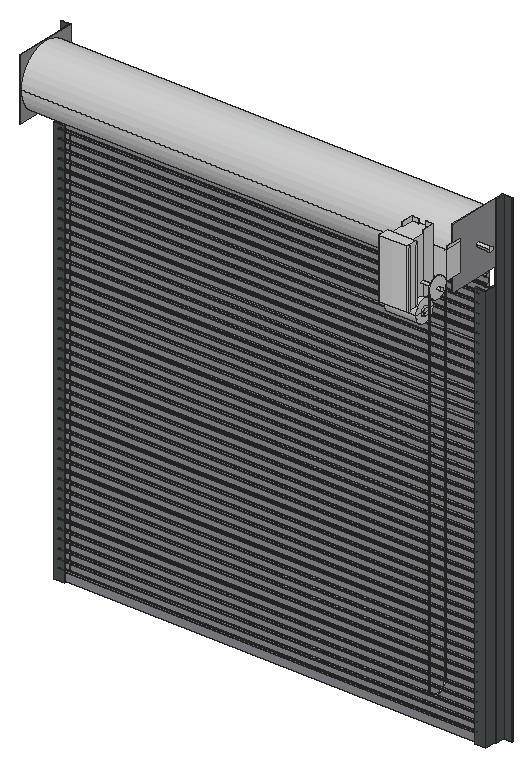
Revit family "Doors_Industrial_Overhead-Door-Corporation_Stormtite-Rolling-Steel-Service-Doors-620_", category Specialty Equipment, host Wall, Revit 2019 (continued)
Definition of nested family "Motor"
  Definition of nested family "2D_NotScalableMain_29e791da-3db9-4234-ab15-44456784202b"
    Lines and regions (in)
      Masking region 4, in view "Ref. Level", visible <- "Top + Bench"
        outline origin (0, 0, 0) x (1, 0, 0) y (0, 1, 0)
          loop
            line (-6.9985, -0.96741) -> (-5.7485, -0.96741) -> (-5.7485, -0.30491) -> (-5.5274, -0.30491) -> (-5.5274, -1.76746) -> (-5.42825, -1.86661) -> (-4.5757, -1.86661) -> (-4.5757, -3.22517) -> (4.57, -3.22517) -> (4.57, -1.27241) -> (4.799, -1.27241) -> (4.799, -0.84111) -> (5.199, -0.84111) -> (5.199, 0.84111) -> (4.799, 0.84111) -> (4.799, 1.27241) -> (4.57, 1.27241) -> (4.57, 3.22034) -> (4.3324, 3.22034) -> (4.3324, 6.13) -> (7.2495, 6.13) -> (7.2495, 3.53) -> (7.52, 3.53) -> (7.52, 6.13) -> (8.82, 6.13) -> (8.82, 6.93) -> (7.52, 6.93) -> (7.52, 9.53) -> (7.2495, 9.53) -> (7.2495, 6.93) -> (4.3324, 6.93) -> (4.3324, 19.24819) -> (3.108, 19.24819) -> (3.108, 20.0298) -> (0.988, 20.0298) -> (0.988, 19.24819) -> (-0.988, 19.24819) -> (-0.988, 20.0298) -> (-3.108, 20.0298) -> (-3.108, 19.24819) -> (-4.3324, 19.24819) -> (-4.3324, 3.22517) -> (-4.5757, 3.22517) -> (-4.5757, 1.86661) -> (-5.42825, 1.86661) -> (-5.5274, 1.76746) -> (-5.5274, 0.30491) -> (-5.7485, 0.30491) -> (-5.7485, 0.96741) -> (-6.9985, 0.96741) -> (-6.9985, -0.96741)
      Masking region 5, in view "Ref. Level", visible <- "Top Mount"
        outline origin (0, 0, 0) x (1, 0, 0) y (0, 1, 0)
          loop
            line (4.3324, 14.55771) -> (4.3324, 6.93) -> (7.2495, 6.93) -> (7.2495, 14.55771) -> (7.1295, 14.55771) -> (7.1295, 15.55771) -> (6.8795, 15.55771) -> (6.8795, 14.55771) -> (4.3324, 14.55771)
      Masking region 6, in view "Ref. Level", visible <- "Wall Mount"
        outline origin (0, 0, 0) x (1, 0, 0) y (0, 1, 0)
          loop
            line (-4.988, 4.96193) -> (-3.108, 4.96193) -> (-3.108, 1.46193) -> (-2.988, 1.46193) -> (-2.988, 5.08193) -> (-4.988, 5.08193) -> (-4.988, 4.96193)
          loop
            line (2.988, 1.46193) -> (3.108, 1.46193) -> (3.108, 4.96193) -> (4.988, 4.96193) -> (4.988, 5.08193) -> (2.988, 5.08193) -> (2.988, 1.46193)
      Masking region 7, in view "Ref. Level", visible <- "Bench Mount"
        outline origin (0, 0, 0) x (1, 0, 0) y (0, 1, 0)
          loop
            line (-7.24, 9.2698) -> (-7.1205, 9.2698) -> (-7.1205, 9.1098) -> (-4.3324, 9.1098) -> (-4.3324, 17.4298) -> (-7.1205, 17.4298) -> (-7.1205, 17.2698) -> (-7.24, 17.2698) -> (-7.24, 9.2698)
      Masking region 8, in view "Ref. Level", visible <- "Chain Hoist"
        outline origin (0, -6.98957, 0) x (1, 0, 0) y (0, 1, 0)
          loop
            line (4.7396, 6.58957) -> (7.2495, 6.58957) -> (7.2495, 3.98957) -> (7.52, 3.98957) -> (7.52, 6.58957) -> (8.82, 6.58957) -> (8.82, 7.38957) -> (7.52, 7.38957) -> (7.52, 9.98957) -> (7.2495, 9.98957) -> (7.2495, 7.38957) -> (4.7396, 7.38957) -> (4.7396, 6.58957)
      reference lines, in view "Ref. Level"
        curve 1: line (0, 0, 0) -> (0, 0.125, 0)
        curve 2: line (0, 0, 0) -> (0.125, 0, 0)
      detail lines, in view "Ref. Level", visible <- "Not Top + Bench"
        curve 3: line (7.2495, 4.19, 0) -> (7.2495, -1.81, 0)
        curve 4: line (7.52, 4.19, 0) -> (7.52, -1.81, 0)
        curve 5: line (-4.134, -2.29347, 0) -> (-4.134, -5.05565, 0)
        curve 6: line (4.116, -2.29347, 0) -> (4.116, -5.05565, 0)
        curve 7: line (-4.134, -2.41307, 0) -> (4.116, -2.41307, 0)
        curve 8: line (4.116, -2.29347, 0) -> (3.108, -2.29347, 0)
        curve 9: line (2.988, -2.17347, 0) -> (2.988, 4.96193, 0)
        curve 10: line (2.988, 4.96193, 0) -> (-2.988, 4.96193, 0)
        curve 11: line (-2.988, 4.96193, 0) -> (-2.988, -2.17347, 0)
        curve 12: arc (-2.988, -2.17347, 0) -> (-3.02315, -2.25832, 0) -> (-3.108, -2.29347, 0) r 0.12
        curve 13: arc (3.108, -2.29347, 0) -> (3.02315, -2.25832, 0) -> (2.988, -2.17347, 0) r 0.12
        curve 14: line (4.57, -3.22517, 0) -> (4.57, 0.77483, 0)
        curve 15: line (4.799, -1.27241, 0) -> (4.799, 0.77483, 0)
        curve 16: line (5.199, -0.84111, 0) -> (5.199, 0.77483, 0)
        curve 17: line (-4.5757, -3.22517, 0) -> (-4.5757, 3.22517, 0)
        curve 18: line (-5.42825, -1.86661, 0) -> (-5.42825, 1.86661, 0)
        curve 19: line (-5.5274, 1.76746, 0) -> (-5.5274, -1.76746, 0)
        curve 20: line (-5.7485, -0.96741, 0) -> (-5.7485, 0.96741, 0)
        curve 25: line (-4.116, -2.29347, 0) -> (-3.108, -2.29347, 0)
        curve 26: line (5.199, 0.77483, 0) -> (2.988, 0.77483, 0)
        curve 27: line (4.57, 1.59, 0) -> (3.108, 1.59, 0)
      detail lines, in view "Ref. Level", visible <- "Fire King Face Mount"
        curve 21: circle (0, 1.59, 0) r 1.29967 normal (0, 0, 1)
        curve 22: circle (0, 1.59, 0) r 0.87193 normal (0, 0, 1)
        curve 23: line (-2.988, 7.80693, 0) -> (2.988, 7.80693, 0)
        curve 24: line (-2.988, 7.685, 0) -> (2.988, 7.685, 0)
      detail lines, in view "Ref. Level", visible <- "Top + Bench"
        curve 28: line (-4.5757, -3.22517, 0) -> (-4.5757, 3.22517, 0)
        curve 29: line (-5.42825, 1.86661, 0) -> (-5.42825, -1.86661, 0)
        curve 30: line (-5.5274, 1.76746, 0) -> (-5.5274, -1.76746, 0)
        curve 31: line (-5.7485, -0.96741, 0) -> (-5.7485, 0.96741, 0)
        curve 32: line (-4.3324, 1.8898, 0) -> (-4.3324, 19.24819, 0)
        curve 33: line (-4.3324, 1.8898, 0) -> (4.3324, 1.8898, 0)
        curve 34: line (4.3324, 1.8898, 0) -> (4.3324, 19.24819, 0)
        curve 35: line (4.57, 3.22517, 0) -> (4.57, -3.22517, 0)
        curve 36: line (4.799, 1.27241, 0) -> (4.799, -1.22759, 0)
        curve 41: line (2.988, 20.0298, 0) -> (2.988, 19.24819, 0)
        curve 42: line (-2.988, 20.0298, 0) -> (-2.988, 19.24819, 0)
        curve 43: line (-3.108, 19.24819, 0) -> (-0.988, 19.24819, 0)
        curve 44: line (0.988, 19.24819, 0) -> (3.108, 19.24819, 0)
      detail lines, in view "Ref. Level", visible <- "Chain Hoist"
        curve 37: line (7.2495, 3, 0) -> (7.2495, -3, 0)
        curve 38: line (7.52, -3, 0) -> (7.52, 3, 0)
      detail lines, in view "Ref. Level", visible <- "Bench Mount"
        curve 39: line (-7.1205, 17.4298, 0) -> (-7.1205, 9.1098, 0)
        curve 40: line (-6.9985, 17.4298, 0) -> (-6.9985, 9.1098, 0)
    Dimensions and locks (in)
      curve 1 to curve 1 = 1/8"
      curve 2 to curve 2 = 1/8"
      aligned and locked: plane 1 "Center (Front/Back)" to curve 1
      aligned and locked: plane 3 "Center (Left/Right)" to curve 1
      aligned and locked: plane 1 "Center (Front/Back)" to curve 2
Definition of nested family "620"
  Parameters (values of type "Standard - Gray")
    Void Offset [instance] = if(Integrated Cutout, 0", 1")  # 1"
    Void Height [instance] = if(and(C 275, Perforation), 1.16", if(and([F 265, FE 265], Perforation), 2.3", 1"))  # 1"
    Standard = yes
    Slat Width [instance] = if(Slat Option < 2, 0.53", if(Slat Option = 2, 0.88", 0.63"))  # 0.53"
    Slat Position + Offset [instance] = Slat Position + Cutout Vertical Offset  # 12.174"
    Slat Position [instance] = if(Slat Option < 2, 1.88" * 6, if(Slat Option = 2, 2 3/4" * 5, 2.63" * 5))  # 11.28"
    Slat Option [instance] = 1
    Rough Height = 0"
    Perforation = no
    Fenestration Small = no
    Fenestration Large = no
    Cutout Width Offset [instance] = 1"  # constant formula
    Cutout Material 2 = none
    Cutout Horizontal Offset [instance] = if(Slat Option = 2, 0.847", 1")  # 1"
    Cutout Material = none
    Panel Material = none
    Opening Width [instance] = 126"
    Cutout Vertical Offset [instance] = if(Slat Option = 2, 1.605", 0.894")  # 0.894"
    F 265, FE 265 [instance] = if(Slat Option > 2, 1 = 1, 1 = 2)  # no
    Default Elevation = 48"
    Integrated Cutout [instance] = if(and(or(Perforation, Fenestration Small), Slat Option > 1), 1 = 1, if(and(Fenestration Large, Slat Option > 2), 1 = 1, 1 = 2))  # no
    C 275 [instance] = if(Slat Option = 2, 1 = 1, 1 = 2)  # no
    C 187 Standard [instance] = if(Slat Option < 2, 1 = 1, 1 = 2)  # yes
    Analytic Construction = "<None>"
  Types (16): name | Standard | Perforation | Fenestration Small | Fenestration Large
    Standard - White | yes | no | no | no
    Standard - Tan | yes | no | no | no
    Standard - Brown | yes | no | no | no
    Standard - Gray | yes | no | no | no
    Perforated - Brown | no | yes | no | no
    Perforated - Gray | no | yes | no | no
    Perforated - Tan | no | yes | no | no
    Perforated - White | no | yes | no | no
    Fenestration Small - White | no | no | yes | no
    Fenestration Small - Tan | no | no | yes | no
    Fenestration Small - Gray | no | no | yes | no
    Fenestration Small - Brown | no | no | yes | no
    Fenestration Large - Brown | no | no | no | yes
    Fenestration Large - White | no | no | no | yes
    Fenestration Large - Tan | no | no | no | yes
    Fenestration Large - Gray | no | no | no | yes
  Reference planes (in)
    plane 1 "Center (Front/Back)": y = 0
    plane 2: z = 0
    plane 3 "Center (Left/Right)": x = 0
    plane 4: x = -63
    plane 5: x = 63
    plane 6: y = 0.53
    plane 7: y = 0
    plane 8: y = 0.265
    plane 9: y = 0.5
    plane 10: x = -62
    plane 11: x = 62
  Forms (in)
    Extrusion 1, solid, material <- "Panel Material", visible <- "F 265, FE 265"
      sketch origin (0, -4.98186, 13.12534) x (0, 1, 0) y (0, 0, 1)
        loop
          arc (5.02225, -13.3083) -> (5.02946, -13.359) -> (5.06714, -13.39369) r 0.07621
          line (5.06714, -13.39369) -> (5.48892, -13.52622)
          arc (5.48892, -13.52622) -> (5.57147, -13.52307) -> (5.61186, -13.45101) r 0.08448
          line (5.61186, -13.45101) -> (5.61186, -11.01166)
          arc (5.61186, -11.01166) -> (5.58856, -10.95542) -> (5.53233, -10.93213) r 0.07953
          line (5.53233, -10.93213) -> (5.07146, -10.90651)
          arc (5.07146, -10.90651) -> (5.05162, -10.89829) -> (5.0434, -10.87845) r 0.02806
          line (5.0434, -10.87845) -> (5.06714, -10.76816) -> (5.48892, -10.90069)
          arc (5.48892, -10.90069) -> (5.57147, -10.89754) -> (5.61186, -10.82548) r 0.08448
          line (5.61186, -10.82548) -> (5.61186, -8.38613)
          arc (5.61186, -8.38613) -> (5.58856, -8.32989) -> (5.53233, -8.3066) r 0.07953
          line (5.53233, -8.3066) -> (5.07145, -8.28099)
          arc (5.07145, -8.28099) -> (5.05162, -8.27278) -> (5.0434, -8.25295) r 0.02804
          line (5.0434, -8.25295) -> (5.06682, -8.14253) -> (5.48892, -8.27516)
          arc (5.48892, -8.27516) -> (5.57147, -8.27201) -> (5.61186, -8.19995) r 0.08448
          line (5.61186, -8.19995) -> (5.61186, -5.7606)
          arc (5.61186, -5.7606) -> (5.58856, -5.70436) -> (5.53233, -5.68106) r 0.07953
          line (5.53233, -5.68106) -> (5.07146, -5.65544)
          arc (5.07146, -5.65544) -> (5.05162, -5.64722) -> (5.0434, -5.62738) r 0.02806
          line (5.0434, -5.62738) -> (5.06714, -5.51709) -> (5.48892, -5.64963)
          arc (5.48892, -5.64963) -> (5.57147, -5.64648) -> (5.61186, -5.57441) r 0.08448
          line (5.61186, -5.57441) -> (5.61186, -3.13506)
          arc (5.61186, -3.13506) -> (5.58856, -3.07882) -> (5.53233, -3.05553) r 0.07953
          line (5.53233, -3.05553) -> (5.07145, -3.02992)
          arc (5.07145, -3.02992) -> (5.05162, -3.02171) -> (5.0434, -3.00188) r 0.02804
          line (5.0434, -3.00188) -> (5.06682, -2.89146) -> (5.48892, -3.02409)
          arc (5.48892, -3.02409) -> (5.57147, -3.02094) -> (5.61186, -2.94888) r 0.08448
          line (5.61186, -2.94888) -> (5.61186, -0.50953)
          arc (5.61186, -0.50953) -> (5.58856, -0.45329) -> (5.53233, -0.43) r 0.07953
          line (5.53233, -0.43) -> (5.07094, -0.40562)
          arc (5.07094, -0.40562) -> (5.05177, -0.39768) -> (5.04383, -0.37851) r 0.02711
          line (5.04383, -0.37851) -> (5.09718, -0.11725)
          arc (5.09718, -0.11725) -> (5.4945, 0.04334) -> (5.06596, 0.04602) r 0.21842
          line (5.06596, 0.04602) -> (4.98186, -0.36586)
          arc (4.98186, -0.36586) -> (4.99921, -0.43741) -> (5.06536, -0.46972) r 0.08656
          line (5.06536, -0.46972) -> (5.51923, -0.48958)
          arc (5.51923, -0.48958) -> (5.5423, -0.49909) -> (5.55186, -0.52214) r 0.03256
          line (5.55186, -0.52214) -> (5.55186, -2.94108)
          arc (5.55186, -2.94108) -> (5.53961, -2.96526) -> (5.51287, -2.9697) r 0.03
          line (5.51287, -2.9697) -> (5.0787, -2.83327) -> (5.09726, -2.74238)
          arc (5.09726, -2.74238) -> (5.49489, -2.58243) -> (5.06631, -2.57951) r 0.21842
          line (5.06631, -2.57951) -> (4.98186, -2.99139)
          arc (4.98186, -2.99139) -> (4.99921, -3.06294) -> (5.06536, -3.09526) r 0.08656
          line (5.06536, -3.09526) -> (5.51923, -3.11511)
          arc (5.51923, -3.11511) -> (5.5423, -3.12462) -> (5.55186, -3.14767) r 0.03256
          line (5.55186, -3.14767) -> (5.55186, -5.56661)
          arc (5.55186, -5.56661) -> (5.53961, -5.5908) -> (5.51287, -5.59523) r 0.03
          line (5.51287, -5.59523) -> (5.07902, -5.45891) -> (5.09752, -5.36831)
          arc (5.09752, -5.36831) -> (5.49485, -5.20773) -> (5.06631, -5.20505) r 0.21842
          line (5.06631, -5.20505) -> (4.98186, -5.61692)
          arc (4.98186, -5.61692) -> (4.99921, -5.68847) -> (5.06536, -5.72079) r 0.08656
          line (5.06536, -5.72079) -> (5.51923, -5.74064)
          arc (5.51923, -5.74064) -> (5.5423, -5.75015) -> (5.55186, -5.7732) r 0.03256
          line (5.55186, -5.7732) -> (5.55186, -8.19214)
          arc (5.55186, -8.19214) -> (5.53961, -8.21633) -> (5.51287, -8.22076) r 0.03
          line (5.51287, -8.22076) -> (5.0787, -8.08434) -> (5.09726, -7.99345)
          arc (5.09726, -7.99345) -> (5.49489, -7.83349) -> (5.06631, -7.83058) r 0.21842
          line (5.06631, -7.83058) -> (4.98186, -8.24245)
          arc (4.98186, -8.24245) -> (4.99921, -8.31401) -> (5.06536, -8.34632) r 0.08656
          line (5.06536, -8.34632) -> (5.51923, -8.36618)
          arc (5.51923, -8.36618) -> (5.5423, -8.37569) -> (5.55186, -8.39874) r 0.03256
          line (5.55186, -8.39874) -> (5.55186, -10.81768)
          arc (5.55186, -10.81768) -> (5.53961, -10.84186) -> (5.51287, -10.8463) r 0.03
          line (5.51287, -10.8463) -> (5.07902, -10.70997) -> (5.09752, -10.61938)
          arc (5.09752, -10.61938) -> (5.49485, -10.45879) -> (5.06631, -10.45611) r 0.21842
          line (5.06631, -10.45611) -> (4.98186, -10.86799)
          arc (4.98186, -10.86799) -> (4.99921, -10.93954) -> (5.06536, -10.97185) r 0.08656
          line (5.06536, -10.97185) -> (5.51923, -10.99171)
          arc (5.51923, -10.99171) -> (5.5423, -11.00122) -> (5.55186, -11.02427) r 0.03256
          line (5.55186, -11.02427) -> (5.55186, -13.44321)
          arc (5.55186, -13.44321) -> (5.53961, -13.46739) -> (5.51287, -13.47183) r 0.03
          line (5.51287, -13.47183) -> (5.0787, -13.3354) -> (5.09726, -13.24451)
          arc (5.09726, -13.24451) -> (5.49489, -13.08456) -> (5.06631, -13.08164) r 0.21842
          line (5.06631, -13.08164) -> (5.01978, -13.30779)
      from -63 to 63
    Extrusion 2, void
      sketch origin (0, 0, 0) x (0, 1, 0) y (0, 0, 1)
        loop
          line (1.47, 1.394) -> (1.47, 0.394) -> (1.53, 0.394) -> (1.53, 1.394) -> (1.47, 1.394)
        loop
          line (1.47, 3.65) -> (1.47, 2.65) -> (1.53, 2.65) -> (1.53, 3.65) -> (1.47, 3.65)
        loop
          line (1.47, 5.906) -> (1.47, 4.906) -> (1.53, 4.906) -> (1.53, 5.906) -> (1.47, 5.906)
        loop
          line (1.47, 8.162) -> (1.47, 7.162) -> (1.53, 7.162) -> (1.53, 8.162) -> (1.47, 8.162)
        loop
          line (1.47, 10.418) -> (1.47, 9.418) -> (1.53, 9.418) -> (1.53, 10.418) -> (1.47, 10.418)
      from -62 to 62
  Cuts and joins
    Extrusion 2 cuts Extrusion 1
  Lines and regions (in)
    reference lines
      curve 1: line (0, -4.98186, 12.78) -> (0, 9.9877, 12.78)
      curve 2: line (0, -2.86663, 12.174) -> (0, 7.63337, 12.174)
      curve 3: line (0, -2.86663, 9.918) -> (0, 7.63337, 9.918)
      curve 4: line (0, -2.86663, 7.662) -> (0, 7.63337, 7.662)
      curve 5: line (0, -2.86663, 5.406) -> (0, 7.63337, 5.406)
      curve 6: line (0, -2.86663, 0.894) -> (0, 7.63337, 0.894)
      curve 7: line (0, -2.86663, 3.15) -> (0, 7.63337, 3.15)
  Dimensions and locks (in)
    equal spacing: plane 4, plane 3 "Center (Left/Right)", plane 5
    "Opening Width": plane 4 to plane 5
    "Slat Width": plane 1 "Center (Front/Back)" to plane 6
    equal spacing: plane 1 "Center (Front/Back)", plane 8, plane 6
    locked: plane 9 to plane 6 at 0.03
    "Cutout Width Offset": plane 4 to plane 10
    "Cutout Width Offset": plane 5 to plane 11
    "Void Height": Extrusion 2 sketch curve to Extrusion 2 sketch curve  (x5)
    locked: Extrusion 2 sketch curve to Extrusion 2 sketch curve at 0.06  (x5)
    "Void Offset": plane 6 to Extrusion 2 sketch curve
    locked: curve 1 to level at 12.78
    "Slat Position": curve 6 to curve 2
    equal spacing: Extrusion 2 sketch curve, curve 3, Extrusion 2 sketch curve
    equal spacing: Extrusion 2 sketch curve, curve 4, Extrusion 2 sketch curve
    equal spacing: Extrusion 2 sketch curve, curve 6, Extrusion 2 sketch curve
    equal spacing: Extrusion 2 sketch curve, curve 5, Extrusion 2 sketch curve
    equal spacing: curve 6, curve 7, curve 5, curve 4, curve 3, curve 2
    equal spacing: Extrusion 2 sketch curve, curve 7, Extrusion 2 sketch curve
    "Cutout Vertical Offset": curve 6 to plane 2
    aligned and locked: plane 2 to level
    aligned and locked: plane 1 "Center (Front/Back)" to plane 7
    aligned and locked: plane 5 to Extrusion 1
    aligned and locked: plane 4 to Extrusion 1
    aligned and locked: plane 9 to nested 1
    aligned and locked: plane 3 "Center (Left/Right)" to nested 1
    aligned and locked: Extrusion 2 sketch curve to Extrusion 2 sketch curve  (x4)
    aligned and locked: plane 10 to Extrusion 2
    aligned and locked: plane 11 to Extrusion 2
    aligned and locked: plane 3 "Center (Left/Right)" to nested 2
    aligned and locked: plane 3 "Center (Left/Right)" to nested 3
    aligned and locked: plane 3 "Center (Left/Right)" to nested 4
    aligned and locked: plane 3 "Center (Left/Right)" to nested 5
    aligned and locked: plane 9 to nested 2
    aligned and locked: plane 9 to nested 3
    aligned and locked: plane 9 to nested 4
    aligned and locked: plane 9 to nested 5
  Automatic sketch dimensions
    curve 1 to Extrusion 1 sketch curve = 4.98186"  (x2)
    Extrusion 1 sketch curve to Extrusion 1 sketch curve = 0"  (x4)
    curve 1 to Extrusion 1 sketch curve = 0.02051"
    curve 1 to Extrusion 1 sketch curve = 2.64604"
    Extrusion 1 sketch curve to Extrusion 1 sketch curve = 0.06154"  (x4)
    curve 1 to Extrusion 1 sketch curve = 0.03317"
    Extrusion 1 sketch curve to Extrusion 1 sketch curve = 0.06197"
    curve 1 to Extrusion 1 sketch curve = 0.12438"
    Extrusion 1 sketch curve to Extrusion 1 sketch curve = 0.02153"
    Extrusion 1 sketch curve to Extrusion 1 sketch curve = 0.02196"  (x4)
    curve 1 to Extrusion 1 sketch curve = 2.74991"
    Extrusion 1 sketch curve to curve 1 = 0.39136"
    Extrusion 1 sketch curve to Extrusion 1 sketch curve = 0.0841"
    Extrusion 1 sketch curve to Extrusion 1 sketch curve = 0.02327"  (x4)
    Extrusion 1 sketch curve to Extrusion 1 sketch curve = 3/128"  (x2)
    Extrusion 1 sketch curve to Extrusion 1 sketch curve = 0.02374"  (x2)
    Extrusion 1 sketch curve to Extrusion 1 sketch curve = 0.00178"
    curve 1 to Extrusion 1 sketch curve = 0.06028"
    curve 1 to Extrusion 1 sketch curve = 2.68458"
    Extrusion 1 sketch curve to Extrusion 1 sketch curve = 0.00478"  (x2)
    Extrusion 1 sketch curve to Extrusion 1 sketch curve = 0.00479"  (x2)
    Extrusion 1 sketch curve to Extrusion 1 sketch curve = 0.01188"  (x4)
    curve 1 to Extrusion 1 sketch curve = 2.48793"
    Extrusion 1 sketch curve to Extrusion 1 sketch curve = 0.01156"
    Extrusion 1 sketch curve to Extrusion 1 sketch curve = 0.01822"
    Extrusion 1 sketch curve to curve 1 = 0.2281"
    Extrusion 1 sketch curve to Extrusion 1 sketch curve = 0.03122"
    curve 1 to Extrusion 1 sketch curve = 2.39704"
    Extrusion 1 sketch curve to Extrusion 1 sketch curve = 0.01856"  (x2)
    Extrusion 1 sketch curve to Extrusion 1 sketch curve = 0.00034"  (x6)
    Extrusion 1 sketch curve to Extrusion 1 sketch curve = 0.0185"  (x2)
    Extrusion 1 sketch curve to Extrusion 1 sketch curve = 0.18279"  (x3)
    Extrusion 1 sketch curve to Extrusion 1 sketch curve = 0.18305"  (x3)
    Extrusion 1 sketch curve to Extrusion 1 sketch curve = 0.41746"  (x2)
    Extrusion 1 sketch curve to Extrusion 1 sketch curve = 0.392"
    Extrusion 1 sketch curve to Extrusion 1 sketch curve = 0.41747"  (x2)
    curve 1 to Extrusion 1 sketch curve = 2.67875"
    Extrusion 1 sketch curve to Extrusion 1 sketch curve = 0.02395"  (x5)
    curve 1 to Extrusion 1 sketch curve = 2.62435"
    Extrusion 1 sketch curve to Extrusion 1 sketch curve = 0.03031"  (x4)
    curve 1 to Extrusion 1 sketch curve = 0.14423"
    Extrusion 1 sketch curve to Extrusion 1 sketch curve = 0.45387"
    Extrusion 1 sketch curve to Extrusion 1 sketch curve = 0.00007"  (x5)
    Extrusion 1 sketch curve to Extrusion 1 sketch curve = 0.00899"  (x5)
    Extrusion 1 sketch curve to Extrusion 1 sketch curve = 0.00552"  (x5)
    Extrusion 1 sketch curve to Extrusion 1 sketch curve = 0.04341"  (x3)
    Extrusion 1 sketch curve to Extrusion 1 sketch curve = 0.01303"  (x2)
    curve 1 to Extrusion 1 sketch curve = 2.71019"
    Extrusion 1 sketch curve to Extrusion 1 sketch curve = 5/256"  (x2)
    Extrusion 1 sketch curve to Extrusion 1 sketch curve = 0.02448"  (x3)
    Extrusion 1 sketch curve to Extrusion 1 sketch curve = 0.06"  (x5)
    Extrusion 1 sketch curve to Extrusion 1 sketch curve = 0.01261"  (x2)
    Extrusion 1 sketch curve to Extrusion 1 sketch curve = 2.10108"  (x4)
    Extrusion 1 sketch curve to Extrusion 1 sketch curve = 0.11957"  (x2)
    Extrusion 1 sketch curve to Extrusion 1 sketch curve = 0.09059"  (x2)
    Extrusion 1 sketch curve to Extrusion 1 sketch curve = 0.05819"  (x4)
    Extrusion 1 sketch curve to Extrusion 1 sketch curve = 1/128"  (x4)
    Extrusion 1 sketch curve to Extrusion 1 sketch curve = 0.09983"  (x2)
    Extrusion 1 sketch curve to Extrusion 1 sketch curve = 0.01046"  (x2)
    Extrusion 1 sketch curve to Extrusion 1 sketch curve = 0.00686"  (x2)
    Extrusion 1 sketch curve to Extrusion 1 sketch curve = 0.03144"  (x3)
    Extrusion 1 sketch curve to Extrusion 1 sketch curve = 0.01995"  (x3)
    Extrusion 1 sketch curve to Extrusion 1 sketch curve = 0.11917"  (x3)
    Extrusion 1 sketch curve to Extrusion 1 sketch curve = 0.09089"
    Extrusion 1 sketch curve to Extrusion 1 sketch curve = 0.09993"
    Extrusion 1 sketch curve to Extrusion 1 sketch curve = 0.01049"
    Extrusion 1 sketch curve to Extrusion 1 sketch curve = 0.00683"
    Extrusion 1 sketch curve to Extrusion 1 sketch curve = 0.07903"
    Extrusion 1 sketch curve to Extrusion 1 sketch curve = 0.01186"
    Extrusion 1 sketch curve to Extrusion 1 sketch curve = 0.05829"
    Extrusion 1 sketch curve to Extrusion 1 sketch curve = 0.05892"
    Extrusion 1 sketch curve to Extrusion 1 sketch curve = 0.00247"
    curve 1 to Extrusion 1 sketch curve = 4.8597"
    Extrusion 1 sketch curve to Extrusion 1 sketch curve = 0.0313"  (x2)
    Extrusion 1 sketch curve to Extrusion 1 sketch curve = 0.03156"
    curve 1 to Extrusion 1 sketch curve = 2.23417"
    Extrusion 1 sketch curve to Extrusion 1 sketch curve = 0.0005"
    plane 1 "Center (Front/Back)" to curve 1 = 4.98186"
    plane 1 "Center (Front/Back)" to curve 7 = 2.86663"
    curve 1 to curve 2 = 2.11523"
    curve 5 to curve 7 = 0"
    curve 3 to curve 2 = 0"  (x2)
    curve 6 to curve 7 = 0"
    curve 4 to curve 3 = 0"
    curve 2 to plane 6 = 7.10337"
    curve 5 to plane 6 = 7.10337"
    curve 4 to curve 5 = 0"
    curve 6 to curve 5 = 0"
    curve 7 to curve 5 = 0"
    curve 2 to curve 1 = 2.35433"
  Nested families (in)
    nested 1: "Perforation" at (0, 0.5, 0.894), visible <- "Integrated Cutout", type "Perforation"
      with Opening Width 126", Offset 1"
    nested 2: "Perforation" at (0, 0.5, 3.15), visible <- "Integrated Cutout", type "Perforation"
      with Opening Width 126", Offset 1"
    nested 3: "Perforation" at (0, 0.5, 5.406), visible <- "Integrated Cutout", type "Perforation"
      with Opening Width 126", Offset 1"
    nested 4: "Perforation" at (0, 0.5, 7.662), visible <- "Integrated Cutout", type "Perforation"
      with Opening Width 126", Offset 1"
    nested 5: "Perforation" at (0, 0.5, 9.918), visible <- "Integrated Cutout", type "Perforation"
      with Opening Width 126", Offset 1"
  Definition of nested family "Perforation"
    Parameters (values of type "Perforation")
      Perforation = none
      Opening Width = 123 5/8"
      Offset = 2"
      Height = 1"
      Default Elevation = 48"
    Reference planes (in)
      plane 1 "Center (Front/Back)": y = 0
      plane 2: z = 0
      plane 3 "Center (Left/Right)": x = 0
      plane 4: z = 0.5
      plane 5: z = -0.5
      plane 6: y = -0.03
      plane 7: y = 0.03
      plane 8: x = -61.8125
      plane 9: x = 61.8125
      plane 10: x = -59.8125
      plane 11: x = 59.8125
    Forms (in)
      Extrusion 1, solid, material <- "Perforation"
        sketch origin (0, -0.19, 0) x (0, 1, 0) y (0, 0, 1)
          loop
            line (0.16, 0.5) -> (0.16, -0.5) -> (0.22, -0.5) -> (0.22, 0.5) -> (0.16, 0.5)
        from -59.8125 to 59.8125
    Dimensions and locks (in)
      equal spacing: plane 4, level, plane 5
      "Height": plane 4 to plane 5
      equal spacing: plane 6, plane 1 "Center (Front/Back)", plane 7
      locked: plane 6 to plane 7 at 0.06
      "Opening Width": plane 8 to plane 9
      "Offset": plane 8 to plane 10
      "Offset": plane 9 to plane 11
      equal spacing: plane 8, plane 3 "Center (Left/Right)", plane 9
      aligned and locked: plane 2 to level
      aligned and locked: plane 4 to Extrusion 1
      aligned and locked: Extrusion 1 to plane 5
      aligned and locked: plane 6 to Extrusion 1
      aligned and locked: plane 7 to Extrusion 1
      aligned and locked: Extrusion 1 to plane 10
      aligned and locked: plane 11 to Extrusion 1
    Automatic sketch dimensions
      Extrusion 1 sketch curve to level = 1/2"
      plane 1 "Center (Front/Back)" to Extrusion 1 sketch curve = 0.03"
      Extrusion 1 sketch curve to plane 1 "Center (Front/Back)" = 0.03"
      plane 4 to Extrusion 1 sketch curve = 0"
Definition of nested family "Label Annotation 1"
  Parameters (values of type "Label Annotation 1-8")
    Label = "Area is too big. Please reduce Door Size."
  Reference planes (in)
    plane 1: y = 0
    plane 2: x = 0
  Text (in)
    label "Label" at (0.00375, -0.00345, 0), shows "Label"
Definition of nested family "Warning Sign"
  Parameters (values of type "Warning Sign")
    Warning Sign [instance] = no
    Default Elevation = 48"
  Reference planes (in)
    plane 1 "Center (Front/Back)": y = 0
    plane 2: z = 0
    plane 3 "Center (Left/Right)": x = 0
    plane 4: y = 0.5
    plane 5: y = -0.5
    plane 6: y = 1
    plane 7: y = 0.25
  Lines and regions (in)
    model lines
      curve 1: line (-2.26129, 1, 45.69444) -> (-26.3817, 1, 3.91667)
      curve 2: line (-25.25106, 1, 3.26389) -> (-1.13064, 1, 45.04167)
      curve 3: arc (2.26129, 1, 45.69444) -> (0, 1, 47) -> (-2.26129, 1, 45.69444) r 2.61111
      curve 4: arc (-1.13064, 1, 45.04167) -> (0, 1, 45.69444) -> (1.13064, 1, 45.04167) r 1.30556
      curve 5: line (1.13064, 1, 45.04167) -> (25.25106, 1, 3.26389)
      curve 6: line (26.3817, 1, 3.91667) -> (2.26129, 1, 45.69444)
      curve 7: arc (25.25106, 1, 3.26389) -> (25.25106, 1, 1.95833) -> (24.12041, 1, 1.30556) r 1.30556
      curve 8: arc (24.12041, 1, 0) -> (26.3817, 1, 1.30556) -> (26.3817, 1, 3.91667) r 2.61111
      curve 9: line (24.12041, 1, 1.30556) -> (-24.12041, 1, 1.30556)
      curve 10: line (-24.12041, 1, 0) -> (24.12041, 1, 0)
      curve 11: arc (-24.12041, 1, 1.30556) -> (-25.25106, 1, 1.95833) -> (-25.25106, 1, 3.26389) r 1.30556
      curve 12: arc (-26.3817, 1, 3.91667) -> (-26.3817, 1, 1.30556) -> (-24.12041, 1, 0) r 2.61111
      curve 13: arc (-2.29479, 1, 8.63537) -> (0, 1, 6.34057) -> (2.29479, 1, 8.63537) r 2.29479
      curve 14: arc (2.29479, 1, 8.63537) -> (0, 1, 10.93016) -> (-2.29479, 1, 8.63537) r 2.29479
      curve 15: arc (-1.6331, 1, 13.97069) -> (0.03439, 1, 12.53727) -> (1.69278, 1, 13.98121) r 1.68043
      curve 16: line (-3.77413, 1, 28.37873) -> (-1.6331, 1, 13.97069)
      curve 17: line (1.69278, 1, 13.98121) -> (3.73924, 1, 28.37873)
      curve 18: arc (3.73924, 1, 28.37873) -> (-0.01745, 1, 32.13541) -> (-3.77413, 1, 28.37873) r 3.75668
      curve 19: line (-2.26129, -0.5, 45.69444) -> (-26.3817, -0.5, 3.91667)
      curve 20: line (-25.25106, -0.5, 3.26389) -> (-1.13064, -0.5, 45.04167)
      curve 21: arc (2.26129, -0.5, 45.69444) -> (0, -0.5, 47) -> (-2.26129, -0.5, 45.69444) r 2.61111
      curve 22: arc (-1.13064, -0.5, 45.04167) -> (0, -0.5, 45.69444) -> (1.13064, -0.5, 45.04167) r 1.30556
      curve 23: line (1.13064, -0.5, 45.04167) -> (25.25106, -0.5, 3.26389)
      curve 24: line (26.3817, -0.5, 3.91667) -> (2.26129, -0.5, 45.69444)
      curve 25: arc (25.25106, -0.5, 3.26389) -> (25.25106, -0.5, 1.95833) -> (24.12041, -0.5, 1.30556) r 1.30556
      curve 26: arc (24.12041, -0.5, 0) -> (26.3817, -0.5, 1.30556) -> (26.3817, -0.5, 3.91667) r 2.61111
      curve 27: line (24.12041, -0.5, 1.30556) -> (-24.12041, -0.5, 1.30556)
      curve 28: line (-24.12041, -0.5, 0) -> (24.12041, -0.5, 0)
      curve 29: arc (-24.12041, -0.5, 1.30556) -> (-25.25106, -0.5, 1.95833) -> (-25.25106, -0.5, 3.26389) r 1.30556
      curve 30: arc (-26.3817, -0.5, 3.91667) -> (-26.3817, -0.5, 1.30556) -> (-24.12041, -0.5, 0) r 2.61111
      curve 31: arc (-2.29479, -0.5, 8.63537) -> (0, -0.5, 6.34057) -> (2.29479, -0.5, 8.63537) r 2.29479
      curve 32: arc (2.29479, -0.5, 8.63537) -> (0, -0.5, 10.93016) -> (-2.29479, -0.5, 8.63537) r 2.29479
      curve 33: arc (-1.6331, -0.5, 13.97069) -> (0.03439, -0.5, 12.53727) -> (1.69278, -0.5, 13.98121) r 1.68043
      curve 34: line (-3.77413, -0.5, 28.37873) -> (-1.6331, -0.5, 13.97069)
      curve 35: line (1.69278, -0.5, 13.98121) -> (3.73924, -0.5, 28.37873)
      curve 36: arc (3.73924, -0.5, 28.37873) -> (-0.01745, -0.5, 32.13541) -> (-3.77413, -0.5, 28.37873) r 3.75668
  Dimensions and locks (in)
    locked: plane 1 "Center (Front/Back)" to plane 4 at 0.5
    equal spacing: plane 1 "Center (Front/Back)", plane 7, plane 4
    locked: plane 4 to plane 6 at 0.5
    locked: plane 5 to plane 1 "Center (Front/Back)" at 0.5
    aligned and locked: plane 2 to level
  Automatic sketch dimensions
    curve 21 to curve 22 = 0"  (x2)
    curve 25 to curve 26 = 0"  (x2)
    curve 29 to curve 30 = 0"  (x2)
    curve 31 to curve 32 = 0"  (x2)
    curve 21 to plane 3 "Center (Left/Right)" = 0"
    curve 31 to plane 3 "Center (Left/Right)" = 0"
    curve 30 to level = 0"
    level to curve 27 = 1.30556"
    curve 26 to curve 27 = 1.30556"
    curve 29 to curve 27 = 1.30556"
    curve 23 to curve 25 = 0.65278"
    curve 20 to curve 29 = 0.65278"
    curve 24 to curve 23 = 0.65278"
    curve 19 to curve 20 = 0.65278"
    level to curve 32 = 8.63537"
    curve 34 to plane 3 "Center (Left/Right)" = 1.6331"
    curve 34 to curve 31 = 5.33532"
    plane 3 "Center (Left/Right)" to curve 35 = 1.69278"
    curve 35 to curve 34 = 0.01052"
    plane 3 "Center (Left/Right)" to curve 33 = 0.02908"
    curve 36 to plane 3 "Center (Left/Right)" = 0.01745"
    curve 36 to curve 33 = 14.16104"
    curve 22 to curve 36 = 16.01016"
    plane 3 "Center (Left/Right)" to curve 23 = 1.13064"
    curve 23 to curve 21 = 0.65278"
    curve 20 to plane 3 "Center (Left/Right)" = 1.13064"
    plane 3 "Center (Left/Right)" to curve 24 = 2.26129"
    curve 24 to curve 22 = 0.65278"
    curve 19 to plane 3 "Center (Left/Right)" = 2.26129"
    curve 34 to curve 36 = 3.75668"
    curve 30 to plane 3 "Center (Left/Right)" = 24.12041"
    plane 3 "Center (Left/Right)" to curve 25 = 24.12041"
    curve 31 to curve 31 = 2.29479"
    curve 3 to curve 4 = 0"  (x2)
    curve 7 to curve 8 = 0"  (x2)
    curve 11 to curve 12 = 0"  (x2)
    curve 13 to curve 14 = 0"  (x2)
    curve 3 to plane 3 "Center (Left/Right)" = 0"
    curve 13 to plane 3 "Center (Left/Right)" = 0"
    curve 12 to level = 0"
    level to curve 9 = 1.30556"
    curve 8 to curve 9 = 1.30556"
    curve 11 to curve 9 = 1.30556"
    curve 5 to curve 7 = 0.65278"
    curve 2 to curve 11 = 0.65278"
    curve 6 to curve 5 = 0.65278"
    curve 1 to curve 2 = 0.65278"
    level to curve 14 = 8.63537"
    curve 16 to plane 3 "Center (Left/Right)" = 1.6331"
    curve 16 to curve 13 = 5.33532"
    plane 3 "Center (Left/Right)" to curve 17 = 1.69278"
    curve 17 to curve 16 = 0.01052"
    plane 3 "Center (Left/Right)" to curve 15 = 0.02908"
    curve 18 to plane 3 "Center (Left/Right)" = 0.01745"
    curve 18 to curve 15 = 14.16104"
    curve 4 to curve 18 = 16.01016"
    plane 3 "Center (Left/Right)" to curve 5 = 1.13064"
    curve 5 to curve 3 = 0.65278"
    curve 2 to plane 3 "Center (Left/Right)" = 1.13064"
    plane 3 "Center (Left/Right)" to curve 6 = 2.26129"
    curve 6 to curve 4 = 0.65278"
    curve 1 to plane 3 "Center (Left/Right)" = 2.26129"
    curve 16 to curve 18 = 3.75668"
    curve 12 to plane 3 "Center (Left/Right)" = 24.12041"
    plane 3 "Center (Left/Right)" to curve 7 = 24.12041"
    curve 13 to curve 13 = 2.29479"
Types (6): name | Voltage | Operator Visibility | Number of Poles | Material Finish | Hood Offset | Headroom Height Real | Headroom Height | Door Height True | Door Height (Real) | Floor To (CL) of Shaft | Chain Hoist or Manual | Connector Array | Calculated Area | Apparent Load Phase 3 | Apparent Load Phase 2 | Apparent Load Phase 1
  115 volts, one phase, 60 Hz (110-120V range) | 115 V | yes | 1 | 620 : Standard - Gray | 5" | 23" | 23" | 143" | 125" | 134" | no | 3 | 104.601 SF | 0 VA | 0 VA | 2300 VA
  Chain Hoist | 115 V | yes | 1 | 620 : Standard - White | 3" | 21" | 21" | 141" | 123" | 132" | yes | 2 | 102.927 SF | 0 VA | 0 VA | 2300 VA
  Manual push-up | 115 V | no | 1 | 620 : Standard - White | 3" | 21" | 21" | 141" | 123" | 132" | yes | 2 | 102.927 SF | 0 VA | 0 VA | 2300 VA
  230 volts, single phase, 60 Hz (208-245V range) | 230 V | yes | 1 | 620 : Standard - Gray | 5" | 23" | 23" | 143" | 125" | 134" | no | 3 | 104.601 SF | 0 VA | 0 VA | 4600 VA
  230 volts, three phase, 60 Hz (208-245V range) | 230 V | yes | 3 | 620 : Standard - Gray | 5" | 23" | 23" | 143" | 125" | 134" | no | 3 | 104.601 SF | 2655.81 VA | 2655.81 VA | 2655.81 VA
  460 volts, three phase, 60 Hz (456-495V range) | 460 V | yes | 3 | 620 : Standard - Gray | 5" | 23" | 23" | 143" | 125" | 134" | no | 3 | 104.601 SF | 5311.62 VA | 5311.62 VA | 5311.62 VA
